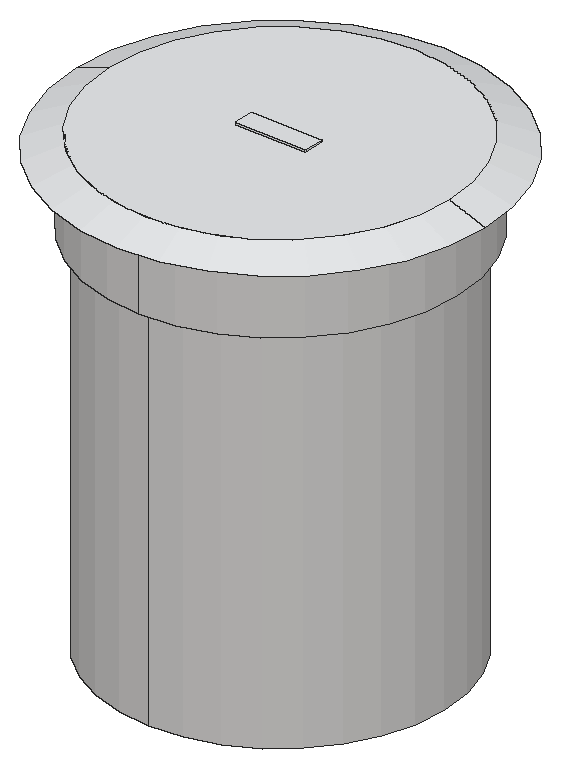
Revit family "AD-CI52T", category Communication Devices, host Face, Revit 2012
Parameters (values of type "AD-CI52T")
  Width = Grille Radius Base * 2  # 8.5"
  Weight Product (lb) = 7.5
  Weight Product (kg) = 3.4
  Weight Dimensional (lb) = 24
  Weight Dimensional (kg) = 10.9
  URL = "http://www.qscaudio.com/products/speakers/acoustic_design/c_series/c_series.htm"
  Sensitivity = 86
  SPL Max = 102
  Regulatory Compliance = "RoHS"
  Product Page URL = "http://www.qscaudio.com/products/speakers/acoustic_design/c_series/c_series.htm"
  Product Documentation Link = "http://media.qscaudio.com/pdfs/Specifications/AD_C152ST_spec.pdf"
  Power Handling = 40
  Model = "AD-CI52T"
  Middle Radius = 3.68"
  Middle Depth = 1.47"
  Manufacturer URL = "www.qscaudio.com"
  Manufacturer = "QSC Audio Products, LLC"
  Logo Material [instance] = White Powder Coated Finish
  Impedance = 8
  Grille Radius Extent = 3.536"
  Grille Radius Base = 4.25"
  Grille Material [instance] = White Powder Coated Mesh
  Grille Depth = 0.28"
  Enclosure Radius = 3.423"
  Enclosure Depth = 7.81"
  Description = "5.25\" Weather Resistant Loudspeaker element"
  Depth = Grille Depth + Middle Depth + Enclosure Depth  # 9.56"
  Default Elevation = 48"
  Coverage Vertical = 90.00°
  Coverage Horizontal = 90.00°
  70V Taps = "30, 15, 7.5, 3.8"
  100V Taps = "30, 15, 7.5, 3.8"
Reference planes (in)
  plane 1 "Center (Front/Back)": y = 0
  plane 2: z = 0
  plane 3 "Center (Left/Right)": x = 0
  plane 4 "Grill Extent": z = 0.28
  plane 5 "Enclosure Extent": z = -9.28
  plane 6 "Middle Extent": z = -1.47
Forms (in)
  Extrusion 1, solid, material "Steel"
    sketch origin (0, 0, -1.47) x (0, 1, 0) y (-1, 0, 0)
      loop
        circle (0, 0) r 3.68
    from 0 to 1.47 <- "Middle Depth"
  Extrusion 2, solid, material "Steel"
    sketch origin (0, 0, -9.28) x (0, 1, 0) y (-1, 0, 0)
      loop
        circle (0, 0) r 3.423
    from 0 to 7.81 <- "Enclosure Depth"
  Blend 3, solid, material "White Powder Coated Mesh" <- "Grille Material"
    base sketch origin (0, 0, 0) x (1, 0, 0) y (0, 1, 0)
      loop
        circle (0, 0) r 4.25
    top sketch origin (0, 0, 0) x (1, 0, 0) y (0, 1, 0)
      loop
        circle (0, 0) r 3.536
    from 0 to 0.28 <- "Grille Depth"
  Extrusion 4, solid, material "White Powder Coated Finish" <- "Logo Material", detail levels fine
    sketch origin (-7.0619, -2.3822, 0.28) x (0, 1, 0) y (-1, 0, 0)
      loop
        arc (2.58071, -6.32246) -> (2.57452, -6.30751) -> (2.55958, -6.30132) r 0.02114
        line (2.55958, -6.30132) -> (2.16886, -6.30132)
        arc (2.16886, -6.30132) -> (2.15148, -6.30852) -> (2.14428, -6.32589) r 0.02458
        line (2.14428, -6.32589) -> (2.14428, -7.74988)
        arc (2.14428, -7.74988) -> (2.15007, -7.76386) -> (2.16406, -7.76965) r 0.01978
        line (2.16406, -7.76965) -> (2.56079, -7.76965)
        arc (2.56079, -7.76965) -> (2.57488, -7.76382) -> (2.58071, -7.74973) r 0.01992
        line (2.58071, -7.74973) -> (2.58071, -6.32246)
    from 0 to 0.03125
Lines and regions (in)
  model lines, detail levels fine
    curve 1: line (0.08208, -0.07833, 0.31125) -> (-0.02956, 0.06875, 0.31125)
    curve 2: line (-0.02956, 0.06875, 0.31125) -> (0.08208, -0.07833, 0.31125)
    curve 3: line (-0.4343, -0.05996, 0.31125) -> (-0.39212, 0.09176, 0.31125)
    curve 4: line (-0.39212, 0.09176, 0.31125) -> (-0.4343, -0.05996, 0.31125)
    curve 5: line (-0.36385, -0.16042, 0.31125) -> (-0.39533, 0.12035, 0.31125)
    curve 6: line (-0.39533, 0.12035, 0.31125) -> (-0.36385, -0.16042, 0.31125)
    curve 7: line (0.23156, 0.03601, 0.31125) -> (0.33111, -0.03712, 0.31125)
    curve 8: line (0.33111, -0.03712, 0.31125) -> (0.23156, 0.03601, 0.31125)
Dimensions and locks (in)
  "Grille Depth": plane 4 "Grill Extent" to plane 2
  "Middle Depth": plane 6 "Middle Extent" to plane 2
  "Enclosure Depth": plane 5 "Enclosure Extent" to plane 6 "Middle Extent"
  "Middle Radius": radius of Extrusion 1 sketch curve
  "Enclosure Radius": radius of Extrusion 2 sketch curve
  "Grille Radius Base": radius of Blend 3 sketch curve
  "Grille Radius Extent": radius of Blend 3 sketch curve
  aligned and locked: plane 2 to host face
  aligned and locked: level to host face
Automatic sketch dimensions
  host sketch curve to host sketch curve = 10.64199"
  host sketch curve to host sketch curve = 10.14247"
  plane 1 "Center (Front/Back)" to Extrusion 1 sketch curve = 0"
  Extrusion 1 sketch curve to plane 3 "Center (Left/Right)" = 0"
  plane 1 "Center (Front/Back)" to Extrusion 2 sketch curve = 0"
  Extrusion 2 sketch curve to plane 3 "Center (Left/Right)" = 0"
  plane 1 "Center (Front/Back)" to Blend 3 sketch curve = 0"  (x2)
  Blend 3 sketch curve to plane 3 "Center (Left/Right)" = 0"  (x2)
  plane 1 "Center (Front/Back)" to Extrusion 4 sketch curve = 0.23791"
  Extrusion 4 sketch curve to Extrusion 4 sketch curve = 0.01978"
  Extrusion 4 sketch curve to Extrusion 4 sketch curve = 0.02458"
  Extrusion 4 sketch curve to Extrusion 4 sketch curve = 0.39071"
  Extrusion 4 sketch curve to Extrusion 4 sketch curve = 0.39674"
  Extrusion 4 sketch curve to Extrusion 4 sketch curve = 0.01992"
  plane 3 "Center (Left/Right)" to Extrusion 4 sketch curve = 0.70776"
  Extrusion 4 sketch curve to Extrusion 4 sketch curve = 1.42398"
  curve 6 to Extrusion 4 = 0.07749"
  curve 5 to curve 6 = 0"  (x3)
  curve 1 to Extrusion 4 = 0.15958"
  curve 2 to curve 1 = 0"  (x3)
  curve 5 to curve 4 = 0.10046"
  curve 3 to curve 4 = 0"  (x3)
  curve 7 to Extrusion 4 = 0.20079"
  curve 8 to curve 7 = 0"  (x3)
  curve 7 to curve 7 = 0.07314"
  curve 1 to Extrusion 4 = 0.12977"
  curve 4 to Extrusion 4 = 0.10676"
  curve 3 to curve 6 = 0.02859"
  curve 8 to Extrusion 4 = 0.37665"
  curve 7 to curve 8 = 0"
  curve 7 to curve 7 = 0.09955"
  curve 7 to curve 2 = 0.14948"
  curve 1 to curve 2 = 0"
  curve 1 to curve 1 = 0.11164"
  curve 6 to Extrusion 4 = 0.39673"
  curve 5 to curve 4 = 0.02827"
  curve 6 to curve 5 = 0"
  curve 5 to curve 4 = 0.07045"
Connectors (in)
  electrical at (0, 0, -9.28)
    settings: on Extrusion 2, index 1, voltage 0 V, apparent load 0 VA, apparent load phase1 0 VA, apparent load phase2 0 VA, apparent load phase3 0 VA, power factor 1, load classification "Other", number of poles 1, system type 14, power factor state 1, is connector primary yes, connector utility no, sub classification motor no, connector description "Speaker"
